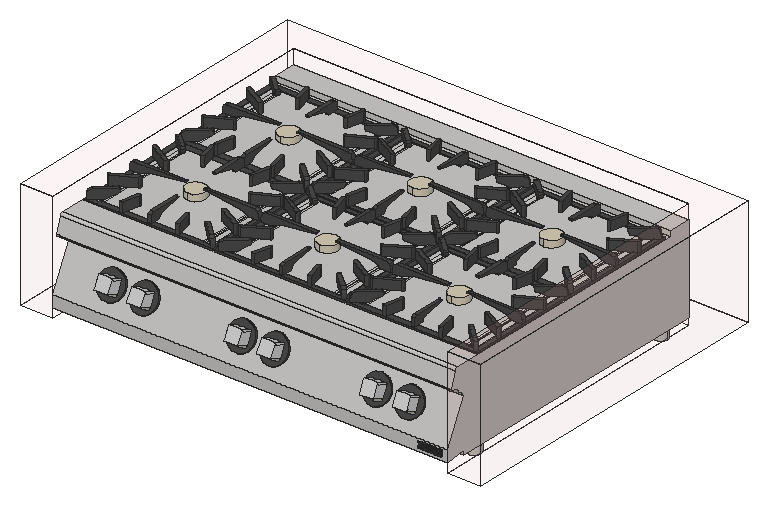
Revit family "QF_ZANUSSI_392034_Z9GCGL6C0M", category Attrezzature speciali, Revit 2020
Family settings
  Quota connettore circolare = Usa diametro
  Tipo di parte = Normale
  Basato su piano di lavoro = No
  Sempre verticale = Sì
  Taglio con vuoti quando caricato = No
  Condiviso = No
  Punto di calcolo locali = No
Parameters (values of type "Standard")
  Weight = 110.00 kg
  Watts = 0 W
  Volts = 0 V
  URL Manufacturer = "http://www.zanussiprofessional.com"
  URL = "http://www.zanussiprofessional.com"
  Steam Supply Size = 0 mm
  Steam Supply Minimum Pressure = 0.0 Pa
  Steam Supply Maximum Pressure = 0.0 Pa
  Steam Consumption per Hour = 0
  Show Logo [instance] = yes
  Show Clearance [instance] = yes
  Refrigeration Suction Line Size = 0 mm
  Refrigeration Liquid Line Size = 0 mm
  Refrigerant Compressor Remote = yes
  Prospetto di default = 0 mm
  Produttore = "Zanussi"
  Phase = 0
  Modello = "Z9GCGL6C0M"
  Length Actual = 1200 mm  # constant formula
  Item Number = "392034"
  Hot Water Size = 0 mm
  Height Actual = 250 mm  # constant formula
  HP = "0 HP"
  Gas Size = 12.7 mm
  Gas KW = 60
  Gas Input Pressure = 0.589934 W
  Direct Waste Size = 0 mm
  Descrizione = "6X10KW-BURNER(CASTIRON)GAS BOIL.TOP 1200"
  Depth Actual = 900 mm  # constant formula
  Cycle = 0 Hz
  Condensate Return Size = 0 mm
  Compressed Air Volume = 0.0 L/s
  Compressed Air Size = 0 mm
  Compressed Air Pressure = 0.0 Pa
  Cold Water Size = 0 mm
  Accessory = yes
Reference planes
  plane 1 "Back": y = 0
  plane 2: z = 0
  plane 3 "Left": x = 0
  plane 4: x = 1200
  plane 5: z = 275
  plane 6: x = 600
  plane 7: y = 100
  plane 8: x = 1300
  plane 9: x = -100
  plane 10: y = -82
  plane 11: y = -790
  plane 12: y = -915
Forms (mm)
  Extrusion 1, solid, material "QF_Finishes_Stainless Steel"
    sketch origin (0, 0, 1) x (0, 1, 0) y (0, 0, 1)
      loop
        line (0, 23) -> (0, 289) -> (-69.85, 289) -> (-69.85, 274) -> (-879.358, 274)
        arc (-879.358, 274) -> (-884.643, 271.811) -> (-886.833, 266.526) r 7.474
        line (-886.833, 266.526) -> (-899.884, 221.011)
        arc (-899.884, 221.011) -> (-899.396, 218.379) -> (-897, 217.184) r 3
        line (-897, 217.184) -> (-886.802, 217.184) -> (-854.982, 185.364) -> (-915, 64.508) -> (-915, 29.508) -> (-858.645, 37.428)
        arc (-858.645, 37.428) -> (-856.101, 36.674) -> (-855, 34.259) r 3.2
        line (-855, 34.259) -> (-855, 23) -> (0, 23)
    from 0 to 1200
  Extrusion 2, solid, material "QF_Finishes_Clearance", visible <- "Show Clearance"
    sketch origin (0, 0, 0) x (1, 0, 0) y (0, 1, 0)
      loop
        line (0, -915) -> (0, 0) -> (1200, 0) -> (1200, -915) -> (1300, -915) -> (1300, 100) -> (-100, 100) -> (-100, -915) -> (0, -915)
    from 0 to 332.769
  Extrusion 3, solid, material "QF_Finishes_Stainless Steel"
    sketch origin (95.958, 6.577, 541) x (-1, 0, 0) y (0, 0, -1)
      loop
        circle (-1052.042, 464) r 6.35
    from -1.278 to 6.577
  Extrusion 4, solid, material "QF_Finishes_Stainless Steel"
    sketch origin (95.958, -202, 17.423) x (-1, 0, 0) y (0, -1, 0)
      loop
        circle (-1052.042, 464) r 6.35
    from -1.278 to 6.577
Dimensions and locks
  plane 3 "Left" to plane 4 = 1200 mm
  plane 5 to level = 275 mm
  equal spacing: plane 3 "Left", plane 6, plane 4
  plane 1 "Back" to plane 7 = 100 mm
  plane 9 to plane 3 "Left" = 100 mm
  plane 4 to plane 8 = 100 mm
  Extrusion 2 to Extrusion 1 sketch curve = 915 mm
  plane 1 "Back" to plane 10 to plane 11 to Extrusion 2 = 82 mm, 708 mm, 125 mm
  plane 1 "Back" to plane 12 = 915 mm
  aligned and locked: level to plane 2
Automatic sketch dimensions
  Extrusion 2 sketch curve to plane 9 = 0 mm
  Extrusion 2 sketch curve to plane 3 "Left" = 0 mm
  Extrusion 2 sketch curve to plane 4 = 0 mm
  Extrusion 2 sketch curve to plane 7 = 0 mm
  Extrusion 2 sketch curve to plane 8 = 0 mm
  plane 1 "Back" to Extrusion 2 sketch curve = 0 mm
  level to Extrusion 3 sketch curve = 77 mm
  plane 6 to Extrusion 3 sketch curve = 548 mm
  plane 5 to Extrusion 1 sketch curve = 0 mm
  Extrusion 1 sketch curve to plane 1 "Back" = 0 mm
  plane 5 to Extrusion 1 sketch curve = 52.989 mm
  Extrusion 1 sketch curve to Extrusion 1 sketch curve = 15.116 mm
  Extrusion 1 sketch curve to Extrusion 1 sketch curve = 2.884 mm
  plane 5 to Extrusion 1 sketch curve = 7.474 mm
  Extrusion 1 sketch curve to Extrusion 1 sketch curve = 13.051 mm
  plane 5 to Extrusion 1 sketch curve = 56.816 mm
  Extrusion 1 sketch curve to Extrusion 1 sketch curve = 10.198 mm
  level to Extrusion 1 sketch curve = 38.428 mm
  Extrusion 1 sketch curve to Extrusion 1 sketch curve = 56.355 mm
  Extrusion 1 sketch curve to Extrusion 1 sketch curve = 0.445 mm
  Extrusion 1 sketch curve to Extrusion 1 sketch curve = 3.2 mm
  Extrusion 1 sketch curve to Extrusion 1 sketch curve = 31.82 mm  (x2)
  plane 1 "Back" to Extrusion 1 sketch curve = 69.85 mm
  level to Extrusion 1 sketch curve = 30.508 mm
  Extrusion 1 sketch curve to Extrusion 1 sketch curve = 11.259 mm
  Extrusion 1 sketch curve to Extrusion 1 sketch curve = 35 mm
  Extrusion 1 sketch curve to plane 5 = 15 mm
  plane 9 to Extrusion 4 sketch curve = 1248 mm
  Extrusion 2 sketch curve to plane 12 = 0 mm  (x2)
  plane 11 to Extrusion 4 sketch curve = 124 mm
  radius of Extrusion 3 sketch curve = 6.35 mm
  radius of Extrusion 4 sketch curve = 6.35 mm
Nested families
  nested 1: "ZANUSSI_Logo" at (1149.92, -915, 98) x (1, 0, 0) z (0, -1, 0), Show Logo <- "Show Logo", visible <- "Show Logo", type "ZANUSSI_Logo"
    with Show Logo yes
  nested 2: "Piedino 24x19 mm" at (20, -82, 0), type "Piedino 24x19 mm"
  nested 3: "Piedino 24x19 mm" at (20, -791, 0), type "Piedino 24x19 mm"
  nested 4: "Piedino 24x19 mm" at (1181, -82, 0) x (-1, 0, 0) z (0, 0, 1), type "Piedino 24x19 mm"
  nested 5: "Piedino 24x19 mm" at (1181, -791, 0) x (-1, 0, 0) z (0, 0, 1), type "Piedino 24x19 mm"
  nested 6: "CONTROLLER_XP-ZAN" at (596.46, -882.317, 131.321) x (-1, 0, 0) z (0, -0.8956, 0.4448), type "CONTROLLER_XP-ZAN"
  nested 7: "CONTROLLER_XP-ZAN" at (598.54, -882.317, 131.321) x (1, 0, 0) z (0, -0.8956, 0.4448), type "CONTROLLER_XP-ZAN"
  nested 8: "CONTROLLER_XP-ZAN" at (203.54, -882.317, 131.321) x (1, 0, 0) z (0, -0.8956, 0.4448), type "CONTROLLER_XP-ZAN"
  nested 9: "CONTROLLER_XP-ZAN" at (201.46, -882.317, 131.321) x (-1, 0, 0) z (0, -0.8956, 0.4448), type "CONTROLLER_XP-ZAN"
  nested 10: "ZANUSSI_BURNER" at (3.068, -448.131, -575.85), type "ZANUSSI_BURNER"
    with Status "", Specification by User "", Revision Code "", Item Number "", Installed By "", Identify Quantity as Lot yes, Furnished By "", Foodservice Equipment Identifier yes
  nested 11: "ZANUSSI_BURNER" at (3.068, -444.989, -575.85), type "ZANUSSI_BURNER"
    with Status "", Specification by User "", Revision Code "", Item Number "", Installed By "", Identify Quantity as Lot yes, Furnished By "", Foodservice Equipment Identifier yes
  nested 12: "CONTROLLER_XP-ZAN" at (1010.201, -882.317, 131.321) x (1, 0, 0) z (0, -0.8956, 0.4448), type "CONTROLLER_XP-ZAN"
  nested 13: "CONTROLLER_XP-ZAN" at (1008.121, -882.317, 131.321) x (-1, 0, 0) z (0, -0.8956, 0.4448), type "CONTROLLER_XP-ZAN"
  nested 14: "ZANUSSI_BURNER" at (796.718, -448.131, -575.85) x (-1, 0, 0) z (0, 0, 1), type "ZANUSSI_BURNER"
    with Status "", Specification by User "", Revision Code "", Item Number "", Installed By "", Identify Quantity as Lot yes, Furnished By "", Foodservice Equipment Identifier yes
  nested 15: "ZANUSSI_BURNER" at (796.718, -444.989, -575.85) x (-1, 0, 0) z (0, 0, 1), type "ZANUSSI_BURNER"
    with Status "", Specification by User "", Revision Code "", Item Number "", Installed By "", Identify Quantity as Lot yes, Furnished By "", Foodservice Equipment Identifier yes
  nested 16: "ZANUSSI_BURNER" at (802.968, -448.131, -575.85), type "ZANUSSI_BURNER"
    with Status "", Specification by User "", Revision Code "", Item Number "", Installed By "", Identify Quantity as Lot yes, Furnished By "", Foodservice Equipment Identifier yes
  nested 17: "ZANUSSI_BURNER" at (802.968, -444.989, -575.85), type "ZANUSSI_BURNER"
    with Status "", Specification by User "", Revision Code "", Item Number "", Installed By "", Identify Quantity as Lot yes, Furnished By "", Foodservice Equipment Identifier yes
Connectors
  piping at (1148, 7.855, 77), diameter 12.7, driven by "Gas Size"
    settings: on Extrusion 3, index 14, connector inside diameter 12.8 mm, connector length 0 mm, flow factor 0, pipe flow 0.0 L/s, pressure drop 0.0 Pa, fitting loss kfactor 0, connector angle 0.00°, fixture units 0, engagement length 0 mm, angle of deflection 0.00°, flow configuration 1, flow direction 1, fitting loss method 0, system type 29, joint type 0, gender type 0, connector reference index -1, connector utility 0, adjustable connector no, is connector primary yes, connector description "Gas Connection"
  piping at (1148, -666, 16.145), diameter 12.7, driven by "Gas Size"
    settings: on Extrusion 4, index 15, connector inside diameter 12.8 mm, connector length 0 mm, flow factor 0, pipe flow 0.0 L/s, pressure drop 0.0 Pa, fitting loss kfactor 0, connector angle 0.00°, fixture units 0, engagement length 0 mm, angle of deflection 0.00°, flow configuration 1, flow direction 1, fitting loss method 0, system type 29, joint type 0, gender type 0, connector reference index -1, connector utility 0, adjustable connector no, is connector primary no, connector description "Gas Connection"
Definition of nested family "ZANUSSI_Logo"
  Parameters (values of type "ZANUSSI_Logo")
    Show Logo [instance] = yes
    Default Elevation = 1219.2 mm
  Reference planes
    plane 1 "Center (Front/Back)": y = -49
    plane 2: z = 0
    plane 3 "Center (Left/Right)": x = -9.92
  Forms (mm)
    Extrusion 1, solid
      sketch origin (0, 0, 0) x (1, 0, 0) y (0, 1, 0)
        loop
          line (-1219.2, 1219.2) -> (-1219.2, -1219.2) -> (1219.2, -1219.2) -> (1219.2, 1219.2) -> (-1219.2, 1219.2)
      from 0 to -304.8
    Extrusion 2, solid, visible <- "Show Logo"
      sketch origin (106.353, -215.165, -50) x (1, 0, 0) y (0, 1, 0)
        loop
          line (-137.419, 156.48) -> (-137.419, 160.444) -> (-143.365, 160.444) -> (-137.419, 172.566) -> (-137.419, 175.851) -> (-147.274, 175.851) -> (-147.274, 172.226) -> (-142.063, 172.339) -> (-147.728, 160.444) -> (-147.728, 156.48) -> (-137.419, 156.48)
        loop
          line (-131.729, 163.73) -> (-129.463, 163.73) -> (-130.596, 172.54) -> (-131.729, 163.73)
        loop
          line (-132.748, 156.48) -> (-132.182, 160.218) -> (-128.897, 160.218) -> (-128.33, 156.48) -> (-124.252, 156.48) -> (-127.877, 175.851) -> (-133.315, 175.851) -> (-136.826, 156.48) -> (-132.748, 156.48)
        loop
          line (-123.75, 175.851) -> (-123.75, 156.48) -> (-120.238, 156.48) -> (-120.238, 169.281) -> (-116.953, 156.48) -> (-112.648, 156.48) -> (-112.648, 175.851) -> (-116.273, 175.851) -> (-116.273, 163.503) -> (-119.558, 175.851) -> (-123.75, 175.851)
        loop
          arc (-111.742, 161.27) -> (-106.896, 156.448) -> (-101.433, 160.558) r 5.22
          line (-101.433, 160.558) -> (-101.433, 175.851) -> (-105.398, 175.851) -> (-105.398, 161.464)
          arc (-105.398, 161.464) -> (-106.44, 160.263) -> (-107.777, 161.124) r 1.214
          line (-107.777, 161.124) -> (-107.777, 175.851) -> (-111.742, 175.851) -> (-111.742, 161.27)
        loop
          line (-94.069, 169.734) -> (-90.331, 169.734) -> (-90.269, 171.495)
          arc (-90.269, 171.495) -> (-90.53, 173.458) -> (-91.761, 175.009) r 3.719
          arc (-91.761, 175.009) -> (-95.38, 176.189) -> (-98.998, 175.009) r 6.139
          arc (-98.998, 175.009) -> (-100.474, 172.145) -> (-100.291, 168.927) r 6.125
          arc (-100.291, 168.927) -> (-99.079, 167.149) -> (-97.591, 165.594) r 13.068
          line (-97.591, 165.594) -> (-95.921, 164.113)
          arc (-95.921, 164.113) -> (-94.934, 163.275) -> (-94.167, 162.233) r 5.571
          arc (-94.167, 162.233) -> (-94.357, 160.41) -> (-96.143, 160.003) r 1.573
          arc (-96.143, 160.003) -> (-96.681, 160.547) -> (-96.911, 161.277) r 1.631
          arc (-96.911, 161.277) -> (-96.929, 161.791) -> (-96.911, 162.305) r 7.441
          arc (-96.911, 162.305) -> (-96.895, 162.791) -> (-96.911, 163.277) r 7.03
          line (-96.911, 163.277) -> (-100.866, 163.277)
          arc (-100.866, 163.277) -> (-100.828, 160.504) -> (-99.735, 157.955) r 7.131
          arc (-99.735, 157.955) -> (-94.571, 156.484) -> (-90.221, 159.633) r 6.148
          arc (-90.221, 159.633) -> (-90.141, 162.884) -> (-91.536, 165.823) r 7.021
          line (-91.536, 165.823) -> (-95.882, 169.734)
          arc (-95.882, 169.734) -> (-96.47, 170.472) -> (-96.785, 171.362) r 2.858
          arc (-96.785, 171.362) -> (-95.666, 172.959) -> (-94.069, 171.84) r 1.379
          line (-94.069, 171.84) -> (-94.069, 169.734)
        loop
          line (-82.771, 169.734) -> (-79.033, 169.734) -> (-78.971, 171.495)
          arc (-78.971, 171.495) -> (-79.232, 173.458) -> (-80.463, 175.009) r 3.719
          arc (-80.463, 175.009) -> (-84.081, 176.189) -> (-87.7, 175.009) r 6.139
          arc (-87.7, 175.009) -> (-89.175, 172.145) -> (-88.993, 168.927) r 6.125
          arc (-88.993, 168.927) -> (-87.781, 167.149) -> (-86.293, 165.594) r 13.068
          line (-86.293, 165.594) -> (-84.623, 164.113)
          arc (-84.623, 164.113) -> (-83.636, 163.275) -> (-82.869, 162.233) r 5.571
          arc (-82.869, 162.233) -> (-83.059, 160.41) -> (-84.845, 160.003) r 1.573
          arc (-84.845, 160.003) -> (-85.383, 160.547) -> (-85.613, 161.277) r 1.631
          arc (-85.613, 161.277) -> (-85.631, 161.791) -> (-85.613, 162.305) r 7.441
          arc (-85.613, 162.305) -> (-85.596, 162.791) -> (-85.613, 163.277) r 7.03
          line (-85.613, 163.277) -> (-89.568, 163.277)
          arc (-89.568, 163.277) -> (-89.53, 160.504) -> (-88.437, 157.955) r 7.131
          arc (-88.437, 157.955) -> (-83.272, 156.484) -> (-78.922, 159.633) r 6.148
          arc (-78.922, 159.633) -> (-78.843, 162.884) -> (-80.238, 165.823) r 7.021
          line (-80.238, 165.823) -> (-84.584, 169.734)
          arc (-84.584, 169.734) -> (-85.171, 170.472) -> (-85.486, 171.362) r 2.858
          arc (-85.486, 171.362) -> (-84.368, 172.959) -> (-82.771, 171.84) r 1.379
          line (-82.771, 171.84) -> (-82.771, 169.734)
        loop
          line (-78.21, 175.851) -> (-78.21, 156.48) -> (-74.245, 156.48) -> (-74.245, 175.851) -> (-78.21, 175.851)
      from 50 to 51.6
  Dimensions and locks
    aligned and locked: plane 2 to Extrusion 1
    aligned and locked: level to Extrusion 1
Definition of nested family "Piedino 24x19 mm"
  Parameters (values of type "Piedino 24x19 mm")
    Default Elevation = 0 mm
    P = 930 mm
    L = 400 mm
    H = 290 mm
  Reference planes
    plane 1: y = 0
    plane 2: z = 0
    plane 3: x = 0
    plane 4: z = 290
    plane 5: z = 24
    plane 6: z = 55
  Forms (mm)
    Extrusion 1, solid
      sketch origin (-373.847, 979.72, 0) x (1, 0, 0) y (0, 1, 0)
        loop
          circle (373.847, -979.72) r 19
      from 0 to 24
  Dimensions and locks
    "H": plane 4 to level
    plane 4 to plane 5 to level = 266 mm, 24 mm
    level to plane 6 = 55 mm
    aligned and locked: level to plane 2
  Automatic sketch dimensions
    plane 3 to Extrusion 1 sketch curve = 0 mm
    plane 1 to Extrusion 1 sketch curve = 0 mm
    radius of Extrusion 1 sketch curve = 19 mm
Definition of nested family "CONTROLLER_XP-ZAN"
  Parameters (values of type "CONTROLLER_XP-ZAN")
    Default Elevation = 0 mm
  Reference planes
    plane 1 "Centro (Fronte/Retro)": y = 0
    plane 2: z = 0
    plane 3 "Centro (Sinistra/Destra)": x = 0
    plane 4: x = -51.067
    plane 5: x = 51.067
    plane 6: x = 93.481
    plane 7: x = -93.481
  Forms (mm)
    Extrusion 1, solid
      sketch origin (0, 0, 0) x (1, 0, 0) y (0, 1, 0)
        loop
          line (-1219.2, 1219.2) -> (-1219.2, -1219.2) -> (1219.2, -1219.2) -> (1219.2, 1219.2) -> (-1219.2, 1219.2)
      from 0 to -304.8
    Extrusion 2, solid
      sketch origin (-46.381, -48.923, 0) x (1, 0, 0) y (0, 1, 0)
        loop
          circle (-4.687, 48.923) r 42.414
      from 0 to 3.175
    Blend 3, solid
      base sketch origin (-46.381, -48.923, 3.175) x (1, 0, 0) y (0, 1, 0)
        loop
          line (-23.687, 25.923) -> (14.313, 25.923)
          arc (14.313, 25.923) -> (17.142, 27.095) -> (18.313, 29.923) r 4
          line (18.313, 29.923) -> (18.313, 66.519)
          arc (18.313, 66.519) -> (17.342, 69.132) -> (14.901, 70.476) r 4
          arc (14.901, 70.476) -> (-4.687, 71.923) -> (-24.275, 70.476) r 133.25
          arc (-24.275, 70.476) -> (-26.716, 69.132) -> (-27.687, 66.519) r 4
          line (-27.687, 66.519) -> (-27.687, 29.923)
          arc (-27.687, 29.923) -> (-26.515, 27.095) -> (-23.687, 25.923) r 4
      top sketch origin (-46.381, -48.923, 3.175) x (1, 0, 0) y (0, 1, 0)
        loop
          line (-25.687, 66.519) -> (-25.687, 29.923)
          arc (-25.687, 29.923) -> (-25.101, 28.509) -> (-23.687, 27.923) r 2
          line (-23.687, 27.923) -> (14.313, 27.923)
          arc (14.313, 27.923) -> (15.727, 28.509) -> (16.313, 29.923) r 2
          line (16.313, 29.923) -> (16.313, 66.519)
          arc (16.313, 66.519) -> (15.828, 67.825) -> (14.607, 68.498) r 2
          arc (14.607, 68.498) -> (-4.687, 69.923) -> (-23.981, 68.498) r 131.25
          arc (-23.981, 68.498) -> (-25.201, 67.825) -> (-25.687, 66.519) r 2
      from 0 to 33
  Lines and regions (mm)
    Split face 1
      outline origin (-46.381, -48.923, 36.175) x (1, 0, 0) y (0, 1, 0)
        loop
          line (-6.687, 69.908) -> (-6.687, 62.923) -> (-2.687, 62.923) -> (-2.687, 69.908)
  Dimensions and locks
    aligned and locked: plane 2 to Extrusion 1
    aligned and locked: level to Extrusion 1
Definition of nested family "ZANUSSI_BURNER"
  Parameters (values of type "ZANUSSI_BURNER")
    Weight in Pounds = 0
    URL Cutsheet = ""
    URL = "www.electrolux.com"
    Type Mark [instance] = ""
    Status [instance] = ""
    Specification by User [instance] = ""
    Specification by Manufacturer = ""
    Show Clearance [instance] = yes
    Serial Number = ""
    Seismic Rating = ""
    SMACNA No = ""
    Revision Code [instance] = ""
    Default Elevation = 0 mm
    Omniclass Number and Title = ""
    NAFEM Spec ID Number = ""
    Model = "392010"
    Masterspec = ""
    Manufacturer = "ELECTROLUX"
    Item Number [instance] = ""
    Installed By [instance] = ""
    Identify Quantity as Lot [instance] = yes
    Furnished By [instance] = ""
    Foodservice Equipment Identifier [instance] = yes
    Description = ""
    CSI MasterFormat = ""
    CSI Master Format = ""
  Reference planes
    plane 1 "BACK": y = 0
    plane 2: z = 0
    plane 3 "LEFT": x = 0
    plane 4 "RIGHT": x = 393.7
    plane 5 "FRONT": y = -355.6
    plane 6 "TOP": z = 908.85
    plane 7 "Center Y": x = 196.85
    plane 8 "Center X": y = -177.8
    plane 9 "Base": z = 150
    plane 10: z = 850.85
  Forms (mm)
    Extrusion 1, solid
      sketch origin (-6.433, -404.961, 5) x (1, 0, 0) y (0, 0, -1)
        loop
          arc (7.142, -850.85) -> (6.739, -862.989) -> (9.761, -874.752) r 42.809
          line (9.761, -874.752) -> (19.961, -879.425) -> (173.122, -879.425)
          arc (173.122, -879.425) -> (174.316, -878.312) -> (173.289, -877.043) r 1.197
          line (173.289, -877.043) -> (64.848, -864.021)
          arc (64.848, -864.021) -> (50.111, -858.738) -> (36.589, -850.85) r 85.245
          line (36.589, -850.85) -> (7.142, -850.85)
        loop
          line (399.424, -850.85) -> (369.977, -850.85)
          arc (369.977, -850.85) -> (356.455, -858.738) -> (341.718, -864.021) r 85.245
          line (341.718, -864.021) -> (233.277, -877.043)
          arc (233.277, -877.043) -> (232.25, -878.312) -> (233.444, -879.425) r 1.197
          line (233.444, -879.425) -> (386.605, -879.425) -> (396.806, -874.752)
          arc (396.806, -874.752) -> (399.827, -862.989) -> (399.424, -850.85) r 42.809
      from 224.564 to 234.564
    Extrusion 2, solid
      sketch origin (196.85, 175.397, 1219.2) x (0, 1, 0) y (0, 0, 1)
        loop
          line (-204.463, -363.35) -> (-175.397, -363.35) -> (-175.397, -339.506)
          arc (-175.397, -339.506) -> (-181.025, -338.266) -> (-185.611, -334.775) r 13.39
          line (-185.611, -334.775) -> (-278.903, -334.775)
          arc (-278.903, -334.775) -> (-280.097, -335.888) -> (-279.07, -337.157) r 1.197
          line (-279.07, -337.157) -> (-227.151, -347.464)
          arc (-227.151, -347.464) -> (-213.741, -352.457) -> (-204.463, -363.35) r 28.426
        loop
          arc (-496.332, -363.35) -> (-487.053, -352.457) -> (-473.644, -347.464) r 28.426
          line (-473.644, -347.464) -> (-421.725, -337.157)
          arc (-421.725, -337.157) -> (-420.697, -335.888) -> (-421.891, -334.775) r 1.197
          line (-421.891, -334.775) -> (-515.184, -334.775)
          arc (-515.184, -334.775) -> (-519.769, -338.266) -> (-525.397, -339.506) r 13.39
          line (-525.397, -339.506) -> (-525.397, -363.35) -> (-496.332, -363.35)
      from -5 to 5
    Extrusion 3, solid
      sketch origin (-6.433, 367.064, 850.85) x (0, -1, 0) y (1, 0, 0)
        loop
          line (722.664, 6.433) -> (722.664, 400.133) -> (367.064, 400.133) -> (367.064, 6.433) -> (722.664, 6.433)
        loop
          line (382.064, 21.433) -> (707.664, 21.433) -> (707.664, 385.133) -> (382.064, 385.133) -> (382.064, 21.433)
      from 0 to 5
    Extrusion 4, solid
      sketch origin (-18.933, 367.064, 855.85) x (0, -1, 0) y (1, 0, 0)
        loop
          circle (541.667, 215.783) r 30
      from -1.321 to 17.134
    Extrusion 5, solid
      sketch origin (-6.433, -367.064, 0) x (1, 0, 0) y (0, 0, -1)
        loop
          line (21.433, -855.85) -> (36.589, -855.85)
          arc (36.589, -855.85) -> (40.561, -855.243) -> (44.305, -853.783) r 18.259
          arc (44.305, -853.783) -> (45.997, -853.366) -> (47.69, -853.783) r 3.649
          arc (47.69, -853.783) -> (49.901, -854.522) -> (52.232, -854.529) r 7.328
          line (52.232, -854.529) -> (354.334, -854.529)
          arc (354.334, -854.529) -> (356.666, -854.522) -> (358.877, -853.783) r 7.328
          arc (358.877, -853.783) -> (360.569, -853.366) -> (362.261, -853.783) r 3.649
          arc (362.261, -853.783) -> (366.005, -855.243) -> (369.977, -855.85) r 18.259
          line (369.977, -855.85) -> (385.133, -855.85) -> (385.133, -850.85) -> (21.433, -850.85) -> (21.433, -855.85)
      from 26.464 to 352.064
    Extrusion 6, solid
      sketch origin (83.284, -458.334, 5) x (0.742103, 0.670286, 0) y (0, 0, -1)
        loop
          arc (88.629, -864.012) -> (73.909, -858.731) -> (60.402, -850.85) r 85.245
          line (60.402, -850.85) -> (14.993, -850.85)
          arc (14.993, -850.85) -> (14.642, -862.948) -> (17.686, -874.663) r 42.876
          line (17.686, -874.663) -> (27.899, -879.425) -> (89.664, -879.425)
          arc (89.664, -879.425) -> (92.39, -878.352) -> (93.654, -875.709) r 4
          arc (93.654, -875.709) -> (92.562, -869.25) -> (88.629, -864.012) r 13.87
        loop
          arc (457.638, -864.012) -> (453.704, -869.25) -> (452.613, -875.709) r 13.87
          arc (452.613, -875.709) -> (453.876, -878.352) -> (456.603, -879.425) r 4
          line (456.603, -879.425) -> (518.367, -879.425) -> (528.581, -874.663)
          arc (528.581, -874.663) -> (531.624, -862.948) -> (531.273, -850.85) r 42.876
          line (531.273, -850.85) -> (485.865, -850.85)
          arc (485.865, -850.85) -> (472.357, -858.731) -> (457.638, -864.012) r 85.245
      from 127.064 to 137.064
    Extrusion 7, solid
      sketch origin (310.416, -458.334, 5) x (-0.742103, 0.670286, 0) y (0, 0, 1)
        loop
          arc (88.629, 864.012) -> (92.562, 869.25) -> (93.654, 875.709) r 13.87
          arc (93.654, 875.709) -> (92.39, 878.352) -> (89.664, 879.425) r 4
          line (89.664, 879.425) -> (27.899, 879.425) -> (17.686, 874.663)
          arc (17.686, 874.663) -> (14.642, 862.948) -> (14.993, 850.85) r 42.876
          line (14.993, 850.85) -> (60.402, 850.85)
          arc (60.402, 850.85) -> (73.909, 858.731) -> (88.629, 864.012) r 85.245
        loop
          arc (457.638, 864.012) -> (472.357, 858.731) -> (485.865, 850.85) r 85.245
          line (485.865, 850.85) -> (531.273, 850.85)
          arc (531.273, 850.85) -> (531.624, 862.948) -> (528.581, 874.663) r 42.876
          line (528.581, 874.663) -> (518.367, 879.425) -> (456.603, 879.425)
          arc (456.603, 879.425) -> (453.876, 878.352) -> (452.613, 875.709) r 4
          arc (452.613, 875.709) -> (453.704, 869.25) -> (457.638, 864.012) r 13.87
      from 127.064 to 137.064
    Extrusion 8, solid
      sketch origin (-6.433, 367.064, 855.85) x (0, -1, 0) y (1, 0, 0)
        loop
          arc (626.166, 9.428) -> (632.956, 7.454) -> (634.93, 14.244) r 5
          line (634.93, 14.244) -> (600.514, 76.878)
          arc (600.514, 76.878) -> (593.724, 78.852) -> (591.75, 72.062) r 5
          line (591.75, 72.062) -> (626.166, 9.428)
        loop
          line (463.562, 9.428) -> (497.977, 72.062)
          arc (497.977, 72.062) -> (496.003, 78.852) -> (489.213, 76.878) r 5
          line (489.213, 76.878) -> (454.798, 14.244)
          arc (454.798, 14.244) -> (456.772, 7.454) -> (463.562, 9.428) r 5
        loop
          line (626.166, 397.138) -> (591.75, 334.504)
          arc (591.75, 334.504) -> (593.724, 327.714) -> (600.514, 329.689) r 5
          line (600.514, 329.689) -> (634.93, 392.323)
          arc (634.93, 392.323) -> (632.956, 399.113) -> (626.166, 397.138) r 5
        loop
          arc (463.562, 397.138) -> (456.772, 399.113) -> (454.798, 392.323) r 5
          line (454.798, 392.323) -> (489.213, 329.689)
          arc (489.213, 329.689) -> (496.003, 327.714) -> (497.977, 334.504) r 5
          line (497.977, 334.504) -> (463.562, 397.138)
        loop
          line (715.14, 293.499) -> (666.703, 282.317)
          arc (666.703, 282.317) -> (662.956, 276.32) -> (668.953, 272.573) r 5
          line (668.953, 272.573) -> (717.389, 283.756)
          arc (717.389, 283.756) -> (721.136, 289.752) -> (715.14, 293.499) r 5
        loop
          arc (715.14, 113.067) -> (721.136, 116.814) -> (717.389, 122.811) r 5
          line (717.389, 122.811) -> (668.953, 133.993)
          arc (668.953, 133.993) -> (662.956, 130.246) -> (666.703, 124.249) r 5
          line (666.703, 124.249) -> (715.14, 113.067)
        loop
          arc (374.588, 293.499) -> (368.591, 289.752) -> (372.338, 283.756) r 5
          line (372.338, 283.756) -> (420.775, 272.573)
          arc (420.775, 272.573) -> (426.771, 276.32) -> (423.024, 282.317) r 5
          line (423.024, 282.317) -> (374.588, 293.499)
        loop
          line (374.588, 113.067) -> (423.024, 124.249)
          arc (423.024, 124.249) -> (426.771, 130.246) -> (420.775, 133.993) r 5
          line (420.775, 133.993) -> (372.338, 122.811)
          arc (372.338, 122.811) -> (368.591, 116.814) -> (374.588, 113.067) r 5
      from 0 to 28.575
  Lines and regions (mm)
    symbolic lines
      curve 1: line (157.475, -170.397, 150) -> (157.475, -15, 150)
      curve 2: line (236.225, -170.397, 150) -> (236.225, -15, 150)
      curve 3: arc (158.678, -180.397, 0) -> (170.734, -200.207, 0) -> (191.85, -209.795, 0) r 39.375
      curve 4: line (163.825, -170.397, 150) -> (163.825, -15, 150)
      curve 5: line (229.875, -170.397, 150) -> (229.875, -15, 150)
      curve 6: line (144.775, -170.397, 150) -> (144.775, -15, 150)
      curve 7: line (248.925, -170.397, 150) -> (248.925, -15, 150)
      curve 8: arc (145.678, -180.397, 0) -> (161.728, -209.187, 0) -> (191.85, -222.573, 0) r 52.075
      curve 9: arc (201.85, -209.795, 0) -> (222.966, -200.207, 0) -> (235.022, -180.397, 0) r 39.375
      curve 10: arc (201.85, -222.573, 0) -> (231.931, -209.224, 0) -> (248.001, -180.504, 0) r 52.075
  Dimensions and locks
    equal spacing: plane 3 "LEFT", plane 7 "Center Y", plane 4 "RIGHT"
    plane 3 "LEFT" to plane 4 "RIGHT" = 393.7 mm
    equal spacing: plane 5 "FRONT", plane 8 "Center X", plane 1 "BACK"
    plane 5 "FRONT" to plane 1 "BACK" = 355.6 mm
    plane 6 "TOP" to level = 908.85 mm
    plane 9 "Base" to level = 150 mm
    plane 6 "TOP" to plane 10 = 58 mm  (x2)
    locked: Extrusion 4 sketch curve to plane 7 "Center Y" at 0
    aligned and locked: level to plane 2
  Automatic sketch dimensions
    plane 1 "BACK" to curve 7 = 15 mm
    plane 7 "Center Y" to curve 7 = 52.075 mm
    curve 7 to curve 2 = 12.7 mm
    curve 2 to curve 5 = 6.35 mm
    curve 4 to curve 1 = 6.35 mm
    plane 8 "Center X" to curve 6 = 7.403 mm
    curve 1 to curve 6 = 12.7 mm
    plane 3 "LEFT" to Extrusion 1 sketch curve = 0.709 mm
    plane 3 "LEFT" to Extrusion 1 sketch curve = 3.327 mm
    Extrusion 1 sketch curve to Extrusion 1 sketch curve = 10.201 mm
    plane 10 to Extrusion 1 sketch curve = 5 mm  (x2)
    Extrusion 1 sketch curve to Extrusion 1 sketch curve = 29.447 mm
    Extrusion 1 sketch curve to Extrusion 1 sketch curve = 12.704 mm  (x2)
    Extrusion 1 sketch curve to Extrusion 1 sketch curve = 15.555 mm  (x2)
    plane 3 "LEFT" to Extrusion 1 sketch curve = 79.689 mm
    Extrusion 1 sketch curve to plane 7 "Center Y" = 30.161 mm
    Extrusion 1 sketch curve to Extrusion 1 sketch curve = 0.167 mm  (x2)
    plane 7 "Center Y" to Extrusion 1 sketch curve = 29.994 mm
    Extrusion 1 sketch curve to plane 4 "RIGHT" = 79.689 mm
    plane 10 to Extrusion 1 sketch curve = 18.171 mm
    Extrusion 1 sketch curve to plane 4 "RIGHT" = 58.415 mm
    Extrusion 1 sketch curve to plane 4 "RIGHT" = 13.528 mm
    Extrusion 1 sketch curve to plane 4 "RIGHT" = 3.327 mm
    Extrusion 1 sketch curve to plane 4 "RIGHT" = 0.709 mm
    Extrusion 1 sketch curve to Extrusion 1 sketch curve = 23.902 mm  (x2)
    Extrusion 1 sketch curve to plane 6 "TOP" = 26.807 mm  (x2)
    Extrusion 1 sketch curve to Extrusion 1 sketch curve = 1.185 mm  (x2)
    Extrusion 1 sketch curve to Extrusion 1 sketch curve = 5.694 mm
    Extrusion 2 sketch curve to plane 1 "BACK" = 0 mm
    plane 1 "BACK" to Extrusion 2 sketch curve = 10.213 mm
    plane 10 to Extrusion 2 sketch curve = 5 mm  (x2)
    plane 1 "BACK" to Extrusion 2 sketch curve = 29.066 mm
    plane 10 to Extrusion 2 sketch curve = 20.886 mm
    Extrusion 2 sketch curve to Extrusion 2 sketch curve = 22.688 mm  (x2)
    Extrusion 2 sketch curve to plane 10 = 7.392 mm  (x2)
    Extrusion 2 sketch curve to plane 6 "TOP" = 24.425 mm
    Extrusion 2 sketch curve to Extrusion 2 sketch curve = 51.752 mm
    Extrusion 2 sketch curve to plane 6 "TOP" = 26.807 mm  (x2)
    Extrusion 2 sketch curve to Extrusion 2 sketch curve = 0.167 mm  (x2)
    Extrusion 2 sketch curve to plane 8 "Center X" = 68.528 mm
    Extrusion 2 sketch curve to plane 5 "FRONT" = 60.248 mm
    Extrusion 2 sketch curve to Extrusion 2 sketch curve = 2.895 mm
    Extrusion 2 sketch curve to plane 5 "FRONT" = 15.813 mm
    Extrusion 2 sketch curve to plane 5 "FRONT" = 5.6 mm
    Extrusion 2 sketch curve to Extrusion 2 sketch curve = 4.731 mm
    Extrusion 2 sketch curve to Extrusion 2 sketch curve = 23.844 mm
    Extrusion 2 sketch curve to Extrusion 2 sketch curve = 1.185 mm
    plane 1 "BACK" to Extrusion 3 sketch curve = 0 mm
    Extrusion 3 sketch curve to plane 3 "LEFT" = 0 mm
    plane 5 "FRONT" to Extrusion 3 sketch curve = 0 mm
    Extrusion 3 sketch curve to plane 4 "RIGHT" = 0 mm
    plane 1 "BACK" to Extrusion 3 sketch curve = 15 mm
    Extrusion 3 sketch curve to plane 5 "FRONT" = 15 mm
    plane 3 "LEFT" to Extrusion 3 sketch curve = 15 mm
    Extrusion 3 sketch curve to plane 4 "RIGHT" = 15 mm
    Extrusion 3 to Extrusion 4 sketch curve = 159.603 mm
    Extrusion 5 sketch curve to plane 10 = 0 mm
    plane 3 "LEFT" to Extrusion 5 sketch curve = 15 mm
    Extrusion 5 sketch curve to Extrusion 5 sketch curve = 14.402 mm
    plane 10 to Extrusion 5 sketch curve = 5 mm
    Extrusion 5 sketch curve to Extrusion 5 sketch curve = 15.156 mm
    plane 10 to Extrusion 5 sketch curve = 2.933 mm  (x3)
    Extrusion 5 sketch curve to Extrusion 5 sketch curve = 7.716 mm  (x2)
    Extrusion 5 sketch curve to Extrusion 5 sketch curve = 0 mm  (x3)
    Extrusion 5 sketch curve to Extrusion 5 sketch curve = 1.692 mm  (x2)
    Extrusion 5 sketch curve to Extrusion 5 sketch curve = 3.385 mm  (x2)
    Extrusion 5 sketch curve to plane 10 = 3.559 mm  (x2)
    plane 10 to Extrusion 5 sketch curve = 3.679 mm
    Extrusion 5 sketch curve to plane 4 "RIGHT" = 45.799 mm
    Extrusion 5 sketch curve to Extrusion 5 sketch curve = 1.143 mm
    Extrusion 5 sketch curve to plane 10 = 13.244 mm
    Extrusion 5 sketch curve to plane 4 "RIGHT" = 15 mm
    plane 10 to Extrusion 6 sketch curve = 5 mm  (x2)
    Extrusion 6 sketch curve to Extrusion 6 sketch curve = 2.692 mm  (x2)
    Extrusion 6 sketch curve to Extrusion 6 sketch curve = 10.213 mm  (x2)
    plane 10 to Extrusion 6 sketch curve = 12.281 mm
    Extrusion 6 sketch curve to Extrusion 6 sketch curve = 29.348 mm  (x2)
    Extrusion 6 sketch curve to Extrusion 6 sketch curve = 3.155 mm  (x2)
    Extrusion 6 sketch curve to Extrusion 6 sketch curve = 22.572 mm
    Extrusion 6 sketch curve to Extrusion 6 sketch curve = 8.81 mm
    Extrusion 6 sketch curve to Extrusion 6 sketch curve = 9.845 mm  (x2)
    Extrusion 6 sketch curve to Extrusion 6 sketch curve = 3.99 mm  (x2)
    Extrusion 6 sketch curve to Extrusion 6 sketch curve = 0 mm  (x2)
    Extrusion 6 sketch curve to Extrusion 6 sketch curve = 49.533 mm
    Extrusion 6 sketch curve to plane 10 = 64.377 mm
    Extrusion 6 sketch curve to Extrusion 6 sketch curve = 326.397 mm
    Extrusion 6 sketch curve to plane 6 "TOP" = 28.141 mm
    Extrusion 6 sketch curve to Extrusion 6 sketch curve = 16.281 mm
    Extrusion 6 sketch curve to Extrusion 6 sketch curve = 1.035 mm
    Extrusion 6 sketch curve to Extrusion 6 sketch curve = 19.417 mm
    Extrusion 6 sketch curve to Extrusion 6 sketch curve = 4.763 mm  (x2)
    Extrusion 6 sketch curve to Extrusion 6 sketch curve = 3.716 mm
    plane 10 to Extrusion 7 sketch curve = 5 mm  (x2)
    Extrusion 7 sketch curve to Extrusion 7 sketch curve = 2.692 mm  (x2)
    Extrusion 7 sketch curve to Extrusion 7 sketch curve = 10.213 mm  (x2)
    plane 10 to Extrusion 7 sketch curve = 12.281 mm
    Extrusion 7 sketch curve to Extrusion 7 sketch curve = 29.348 mm  (x2)
    Extrusion 7 sketch curve to Extrusion 7 sketch curve = 3.155 mm  (x2)
    Extrusion 7 sketch curve to Extrusion 7 sketch curve = 22.572 mm
    Extrusion 7 sketch curve to Extrusion 7 sketch curve = 8.81 mm
    Extrusion 7 sketch curve to Extrusion 7 sketch curve = 9.845 mm  (x2)
    Extrusion 7 sketch curve to Extrusion 7 sketch curve = 3.99 mm  (x2)
    Extrusion 7 sketch curve to Extrusion 7 sketch curve = 0 mm  (x2)
    Extrusion 7 sketch curve to Extrusion 7 sketch curve = 21.306 mm
    Extrusion 7 sketch curve to plane 10 = 64.377 mm  (x2)
    Extrusion 7 sketch curve to Extrusion 7 sketch curve = 326.397 mm
    Extrusion 7 sketch curve to plane 6 "TOP" = 28.141 mm
    Extrusion 7 sketch curve to Extrusion 7 sketch curve = 16.281 mm
    Extrusion 7 sketch curve to Extrusion 7 sketch curve = 1.035 mm
    Extrusion 7 sketch curve to Extrusion 7 sketch curve = 19.417 mm
    Extrusion 7 sketch curve to Extrusion 7 sketch curve = 7.281 mm
    Extrusion 7 sketch curve to Extrusion 7 sketch curve = 10.713 mm
    curve 3 to curve 8 = 0 mm  (x2)
    curve 3 to curve 9 = 0 mm  (x2)
    curve 3 to curve 10 = 0 mm  (x2)
    curve 3 to plane 7 "Center Y" = 0 mm
    curve 8 to plane 8 "Center X" = 2.597 mm
    curve 8 to plane 7 "Center Y" = 51.172 mm
    curve 3 to plane 8 "Center X" = 2.597 mm
    curve 8 to curve 3 = 12.999 mm
    curve 3 to plane 7 "Center Y" = 5 mm
    curve 8 to plane 7 "Center Y" = 5 mm
    plane 7 "Center Y" to curve 10 = 5 mm
    curve 9 to plane 8 "Center X" = 2.597 mm
    plane 7 "Center Y" to curve 9 = 38.172 mm
    curve 10 to plane 8 "Center X" = 2.704 mm
    curve 9 to curve 10 = 12.979 mm
    curve 10 to plane 8 "Center X" = 44.773 mm
    Extrusion 8 sketch curve to Extrusion 3 = 5.275 mm  (x2)
    Extrusion 8 sketch curve to Extrusion 8 sketch curve = 1.125 mm  (x16)
    Extrusion 3 to Extrusion 8 sketch curve = 38.711 mm  (x2)
    Extrusion 8 sketch curve to Extrusion 3 = 7.19 mm  (x3)
    Extrusion 3 to Extrusion 8 sketch curve = 72.734 mm  (x2)
    Extrusion 8 sketch curve to Extrusion 8 sketch curve = 4.382 mm  (x16)
    Extrusion 8 sketch curve to Extrusion 3 = 2.995 mm  (x4)
    Extrusion 8 sketch curve to Extrusion 8 sketch curve = 34.416 mm  (x4)
    Extrusion 3 to Extrusion 8 sketch curve = 50.629 mm  (x3)
    Extrusion 8 sketch curve to Extrusion 8 sketch curve = 93.773 mm  (x2)
    Extrusion 3 to Extrusion 8 sketch curve = 40.96 mm  (x2)
    Extrusion 8 sketch curve to Extrusion 3 = 7.476 mm  (x2)
    Extrusion 8 sketch curve to Extrusion 8 sketch curve = 2.408 mm  (x4)
    Extrusion 3 to Extrusion 8 sketch curve = 91.634 mm  (x2)
    Extrusion 8 sketch curve to Extrusion 8 sketch curve = 4.872 mm  (x8)
    Extrusion 8 sketch curve to Extrusion 8 sketch curve = 11.182 mm  (x4)
    Extrusion 3 to Extrusion 8 sketch curve = 112.56 mm
    Extrusion 8 sketch curve to Extrusion 8 sketch curve = 61.931 mm
    Extrusion 3 to Extrusion 8 sketch curve = 55.445 mm
    Extrusion 8 sketch curve to Extrusion 8 sketch curve = 4.816 mm
    plane 7 "Center Y" to curve 9 = 5 mm
    plane 8 "Center X" to curve 4 = 7.403 mm
    curve 4 to plane 7 "Center Y" = 33.025 mm
    plane 1 "BACK" to curve 1 = 15 mm
    plane 1 "BACK" to curve 5 = 15 mm
    curve 5 to curve 2 = 0 mm  (x2)
    curve 1 to curve 4 = 0 mm  (x2)
    curve 6 to curve 1 = 0 mm
    plane 8 "Center X" to curve 2 = 7.403 mm
    plane 8 "Center X" to curve 7 = 7.403 mm
    radius of Extrusion 4 sketch curve = 30 mm
